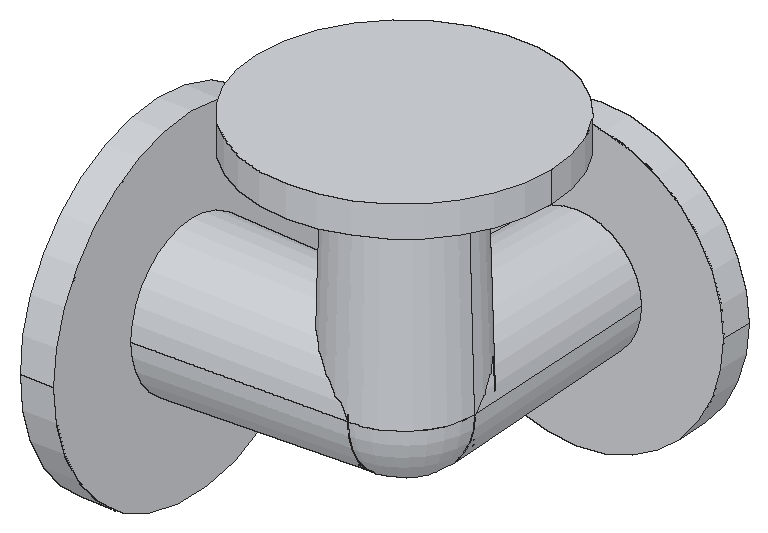
Revit family "M_Redução de cotovelo com saída lateral - Flange - GI - Classe 125", category Conexões de tubo, Revit 2019
Family settings
  Cota do conector redondo = Usar raio
  Tipo de parte = Múltiplas portas
  Número OmniClass = 23.60.30.11.14
  Título OmniClass = Pipework Fittings
  ID de item do Seek = Elbow Reducing Side-Outlet - Flanged - GI - Class 125-0000-CAN-ENU
  Com base no plano de trabalho = Não
  Sempre na vertical = Sim
  Corte com vazios quando carregada = Não
  Compartilhado = Não
Parameters (values of type "Padrão")
  Espessura da parede 3 [instance] = size_lookup(Nome da tabela de pesquisa, "WThk", 0.04 * Diâmetro nominal 3 + 7.938 mm, Diâmetro nominal 3)  # 7.9 mm
  Espessura da parede 2 [instance] = size_lookup(Nome da tabela de pesquisa, "WThk", 0.04 * Diâmetro nominal 2 + 7.938 mm, Diâmetro nominal 2)  # 7.9 mm
  Espessura da parede 1 [instance] = size_lookup(Nome da tabela de pesquisa, "WThk", 0.04 * Diâmetro nominal 1 + 7.938 mm, Diâmetro nominal 1)  # 7.9 mm
  Tamanho da marca de cota 3 [instance] = Diâmetro da flange 3 * 0.4  # 60.8 mm
  Tamanho da marca de cota 2 [instance] = Diâmetro da flange 2 * 0.4  # 60.8 mm
  Tamanho da marca de cota 1 [instance] = Diâmetro da flange 1 * 0.4  # 71.2 mm
  Raio nominal 3 [instance] = 25 mm
  Raio nominal 2 [instance] = 25 mm
  Diâmetro nominal 3 [instance] = Raio nominal 3 * 2  # 50 mm
  Diâmetro nominal 2 [instance] = Raio nominal 2 * 2  # 50 mm
  Método de perda = Não definido
  Nome da tabela de pesquisa = "M_Elbow Reducing Side-Outlet - Flanged - GI - Class 125"
  Comprimento 9 [instance] = Centro à face + Centro à face * cos(Ângulo 2)  # 127 mm
  Comprimento 8 [instance] = Centro à face * sin(Ângulo 1)  # 127 mm
  Comprimento 7 [instance] = Centro à face + Centro à face * cos(Ângulo 1)  # 127 mm
  Comprimento 6 [instance] = Comprimento 4 * sin(Ângulo 2)  # 111.1 mm
  Comprimento 5 [instance] = Centro à face + Comprimento 4 * cos(Ângulo 2)  # 127 mm
  Comprimento 4 [instance] = Centro à face - Espessura da flange 3  # 111.1 mm
  Comprimento 3 [instance] = Comprimento 1 * sin(Ângulo 1)  # 111.1 mm
  Comprimento 2 [instance] = Centro à face + Comprimento 1 * cos(Ângulo 1)  # 127 mm
  Comprimento 15 [instance] = Centro à face - Espessura da flange 3  # 111.1 mm
  Comprimento 14 [instance] = Centro à face - Raio externo da conexão 4 * cos(Ângulo 2)  # 127 mm
  Comprimento 13 [instance] = Raio externo da conexão 4 * sin(Ângulo 2)  # 36.65 mm
  Comprimento 12 [instance] = Centro à face - Raio externo da conexão 4 * cos(Ângulo 2)  # 127 mm
  Comprimento 11 [instance] = Raio externo da conexão 4 * sin(Ângulo 2)  # 36.65 mm
  Comprimento 10 [instance] = Centro à face * sin(Ângulo 2)  # 127 mm
  Comprimento 1 [instance] = Centro à face - Espessura da flange 2  # 111.1 mm
  Diâmetro nominal máximo 123 [instance] = if(Diâmetro nominal máximo 12 > Diâmetro nominal 3, Diâmetro nominal máximo 12, Diâmetro nominal 3)  # 65 mm
  Diâmetro nominal máximo 12 [instance] = if(Diâmetro nominal 1 > Diâmetro nominal 2, Diâmetro nominal 1, Diâmetro nominal 2)  # 65 mm
  Espessura da flange 3 [instance] = size_lookup(Nome da tabela de pesquisa, "FThk", 0.05 * Diâmetro nominal 3 + 15.974 mm, Diâmetro nominal 3)  # 15.9 mm
  Espessura da flange 2 [instance] = size_lookup(Nome da tabela de pesquisa, "FThk", 0.05 * Diâmetro nominal 2 + 15.974 mm, Diâmetro nominal 2)  # 15.9 mm
  Raio da flange 3 [instance] = Diâmetro da flange 3 / 2  # 76 mm
  Raio da flange 2 [instance] = Diâmetro da flange 2 / 2  # 76 mm
  Diâmetro da flange 3 [instance] = size_lookup(Nome da tabela de pesquisa, "FDia", 1.19 * Diâmetro nominal 3 + 100.806 mm, Diâmetro nominal 3)  # 152 mm
  Diâmetro da flange 2 [instance] = size_lookup(Nome da tabela de pesquisa, "FDia", 1.19 * Diâmetro nominal 2 + 100.806 mm, Diâmetro nominal 2)  # 152 mm
  Raio externo da conexão 3 [instance] = Diâmetro externo da conexão 3 / 2  # 33.4 mm
  Raio externo da conexão 4 [instance] = (Raio externo da conexão 1 + Raio externo da conexão 2) / 2  # 36.65 mm
  Raio externo da conexão 2 [instance] = Diâmetro externo da conexão 2 / 2  # 33.4 mm
  Raio externo da conexão 1 [instance] = Diâmetro externo da conexão 1 / 2  # 39.9 mm
  Diâmetro externo da conexão 2 [instance] = Diâmetro interno da conexão 2 + Espessura da parede 2 * 2  # 66.8 mm
  Diâmetro externo da conexão 1 [instance] = Diâmetro interno da conexão 1 + Espessura da parede 1 * 2  # 79.8 mm
  Raio nominal 1 [instance] = 32.5 mm
  Diâmetro nominal 1 [instance] = Raio nominal 1 * 2  # 65 mm
  Diâmetro externo da conexão 3 [instance] = Diâmetro interior da conexão 3 + Espessura da parede 3 * 2  # 66.8 mm
  Diâmetro interior da conexão 3 [instance] = size_lookup(Nome da tabela de pesquisa, "FID", 1.02 * Diâmetro nominal 3 - 1.091 mm, Diâmetro nominal 3)  # 51 mm
  Diâmetro interno da conexão 2 [instance] = size_lookup(Nome da tabela de pesquisa, "FID", 1.02 * Diâmetro nominal 2 - 1.091 mm, Diâmetro nominal 2)  # 51 mm
  Diâmetro interno da conexão 1 [instance] = size_lookup(Nome da tabela de pesquisa, "FID", 1.02 * Diâmetro nominal 1 - 1.091 mm, Diâmetro nominal 1)  # 64 mm
  Centro à face [instance] = size_lookup(Nome da tabela de pesquisa, "CtF", 0.68 * Diâmetro nominal máximo 123 + 95.647 mm, Diâmetro nominal máximo 123)  # 127 mm
  Espessura da flange 1 [instance] = size_lookup(Nome da tabela de pesquisa, "FThk", 0.05 * Diâmetro nominal 1 + 15.974 mm, Diâmetro nominal 1)  # 17.5 mm
  Raio da flange 1 [instance] = Diâmetro da flange 1 / 2  # 89 mm
  Diâmetro da flange 1 [instance] = size_lookup(Nome da tabela de pesquisa, "FDia", 1.19 * Diâmetro nominal 1 + 100.806 mm, Diâmetro nominal 1)  # 178 mm
  Assembly Code = ""
  Ângulo 3 [instance] = 90.00° - Ângulo 2  # 0.00°
  Ângulo 2 [instance] = 90.00°
  Ângulo 1 [instance] = 90.00°
Reference planes
  plane 1 "Centro (Frente/Trás)": y = 0
  plane 2: z = 0
  plane 3 "Centro (Esquerda/Direita)": x = 0
  plane 4: x = -127
  plane 5: x = -109.5
  plane 6: y = 111.1
  plane 7: x = 0
  plane 8: z = 111.1
  plane 9: x = 0
  plane 10: x = 0
  plane 11: y = 127
  plane 12: x = 0
  plane 13: z = 127
  plane 14: x = 0
  plane 15: z = -36.65
  plane 16: x = 0
  plane 17: z = -36.65
Forms (mm)
  Sweep 1, solid, detail levels fine
    path in 3D
      loop
        line (-127, 0, 0) -> (-109.5, 0, 0)
    profile origin (-118.25, 0, 0) x (0, 1, 0) y (0, 0, 1)
      loop
        circle (0, 0) r 89
  SweptBlend 2, solid, detail levels fine
    path in 3D
      loop
        line (-109.5, 0, 0) -> (0, 0, 0)
    profile origin (-109.5, 0, 0) x (0, 1, 0) y (0, 0, 1)
      loop
        circle (0, 0) r 39.9
    end profile origin (0, 0, 0) x (0, 1, 0) y (0, 0, 1)
      loop
        circle (0, 0) r 36.65
  SweptBlend 3, solid, detail levels fine
    path in 3D
      loop
        line (0, 0, 0) -> (0, 111.1, 0)
    profile origin (0, 0, 0) x (-1, 0, 0) y (0, 0, 1)
      loop
        circle (0, 0) r 36.65
    end profile origin (0, 111.1, 0) x (-1, 0, 0) y (0, 0, 1)
      loop
        circle (0, 0) r 33.4
  Sweep 4, solid, detail levels fine
    path in 3D
      loop
        line (0, 111.1, 0) -> (0, 127, 0)
    profile origin (0, 119.05, 0) x (-1, 0, 0) y (0, 0, 1)
      loop
        circle (0, 0) r 76
  Sweep 5, solid, detail levels fine
    path in 3D
      loop
        line (0, 0, 111.1) -> (0, 0, 127)
    profile origin (0, 0, 119.05) x (-1, 0, 0) y (0, -1, 0)
      loop
        circle (0, 0) r 76
  SweptBlend 6, solid, detail levels fine
    path in 3D
      loop
        line (0, 0, 0) -> (0, 0, 111.1)
    profile origin (0, 0, 0) x (-1, 0, 0) y (0, -1, 0)
      loop
        circle (0, 0) r 36.65
    end profile origin (0, 0, 111.1) x (-1, 0, 0) y (0, -1, 0)
      loop
        circle (0, 0) r 33.4
  Revolve 7, solid, detail levels fine
    sketch origin (0, 0, 0) x (0, 0, -1) y (1, 0, 0)
      loop
        line (0, 0) -> (36.65, 0)
        arc (36.65, 0) -> (25.915, 25.915) -> (0, 36.65) r 36.65
        line (0, 36.65) -> (0, 0)
      axis (36.65, 0) -> (0, 0)
    angle from 0 to 360
Cuts and joins
  joined: Sweep 1, SweptBlend 2
  joined: SweptBlend 3, Sweep 4
  joined: Sweep 5, SweptBlend 6
Lines and regions (mm)
  model lines, detail levels coarse+medium
    curve 1: line (-109.5, 0, 0) -> (0, 0, 0)
    curve 2: line (-127, 0, 0) -> (-109.5, 0, 0)
    curve 5: line (0, 0, 0) -> (0, 111.1, 0)
    curve 6: line (0, 111.1, 0) -> (0, 127, 0)
    curve 9: line (0, 0, 0) -> (0, 0, 111.1)
    curve 10: line (0, 0, 111.1) -> (0, 0, 127)
    curve 15: line (-127, 71.2, 0) -> (-127, 0, 0)
    curve 16: line (-127, -71.2, 0) -> (-127, 0, 0)
    curve 17: line (0, 127, 0) -> (60.8, 127, 0)
    curve 18: line (0, 127, 0) -> (-60.8, 127, 0)
    curve 19: line (0, 0, 127) -> (60.8, 0, 127)
    curve 20: line (0, 0, 127) -> (-60.8, 0, 127)
  sketch lines
    curve 3: line (-127, 0, 0) -> (-109.5, 0, 0)
    curve 4: line (-109.5, 0, 0) -> (0, 0, 0)
    curve 7: line (0, 0, 0) -> (0, 111.1, 0)
    curve 8: line (0, 111.1, 0) -> (0, 127, 0)
    curve 11: line (0, 0, 111.1) -> (0, 0, 127)
    curve 22: line (0, 0, 0) -> (0, 0, 111.1)
  reference lines
    curve 12: line (-127, 0, 0) -> (-109.5, 0, 0)
    curve 13: line (0, 127, 0) -> (0, 111.1, 0)
    curve 14: line (0, 0, 127) -> (0, 0, 111.1)
    curve 21: line (0, 0, 0) -> (0, 0, 111.1)
    curve 23: line (0, 0, 0) -> (0, 0, -36.65)
    curve 24: arc (0, 0, -36.65) -> (25.915, 0, -25.915) -> (36.65, 0, 0) r 36.65
    curve 25: line (0, 0, 0) -> (36.65, 0, 0)
    curve 26: line (0, 0, -36.65) -> (0, 0, 0)
    curve 27: arc (0, 0, -36.65) -> (25.915, 0, -25.915) -> (36.65, 0, 0) r 36.65
    curve 28: line (0, 0, 0) -> (36.65, 0, 0)
Dimensions and locks
  "Centro à face": plane 4 to plane 3 "Centro (Esquerda/Direita)"
  "Espessura da flange 1": plane 4 to plane 5
  "Comprimento 1": curve 5 to curve 5
  "Comprimento 2": plane 4 to plane 7
  "Comprimento 3": plane 6 to plane 1 "Centro (Frente/Trás)"
  "Espessura da flange 2": curve 6 to curve 6
  "Comprimento 4": curve 9 to curve 9
  "Comprimento 6": plane 8 to plane 2
  "Comprimento 5": plane 9 to plane 4
  "Espessura da flange 3": curve 10 to curve 10
  "Comprimento 7": plane 4 to plane 10
  "Comprimento 8": plane 11 to plane 1 "Centro (Frente/Trás)"
  "Comprimento 9": plane 12 to plane 4
  "Comprimento 10": plane 13 to plane 2
  "Tamanho da marca de cota 1": curve 15 to curve 15
  "Tamanho da marca de cota 1": curve 16 to curve 16
  "Tamanho da marca de cota 2": curve 17 to curve 17
  "Tamanho da marca de cota 2": curve 18 to curve 18
  "Tamanho da marca de cota 3": curve 19 to curve 19
  "Tamanho da marca de cota 3": curve 20 to curve 20
  "Comprimento 15": curve 21 to curve 21
  "Comprimento 11": plane 2 to plane 15
  "Comprimento 13": plane 2 to plane 17
  "Comprimento 14": plane 16 to plane 4
  "Comprimento 12": plane 14 to plane 4
  "Raio externo da conexão 4": curve 23 to curve 23
  "Raio externo da conexão 4": curve 25 to curve 25
  locked: Revolve 7 sketch curve to Revolve 7 sketch curve at 200.2
  "Raio da flange 1": radius of Sweep 1 sketch curve
  "Raio externo da conexão 1": radius of SweptBlend 2 sketch curve
  "Raio externo da conexão 4": radius of SweptBlend 2 sketch curve
  "Raio externo da conexão 4": radius of SweptBlend 3 sketch curve
  "Raio externo da conexão 2": radius of SweptBlend 3 sketch curve
  "Raio da flange 2": radius of Sweep 4 sketch curve
  "Raio da flange 3": radius of Sweep 5 sketch curve
  "Raio externo da conexão 4": radius of SweptBlend 6 sketch curve
  "Raio externo da conexão 3": radius of SweptBlend 6 sketch curve
  "Ângulo 1": angle plane 1 "Centro (Frente/Trás)" to curve 5
  "Ângulo 1": angle plane 6 to curve 6
  "Ângulo 2": angle plane 2 to curve 9
  "Ângulo 2": angle plane 8 to curve 10
  "Ângulo 1": angle plane 11 to curve 13
  "Ângulo 2": angle plane 13 to curve 14
  locked: curve 5 to curve 17 (angle 90.00°)
  locked: curve 18 to curve 5 (angle 90.00°)
  locked: curve 9 to curve 19 (angle 90.00°)
  locked: curve 20 to curve 9 (angle 90.00°)
  "Ângulo 2": angle plane 2 to curve 21
  "Ângulo 2": angle plane 2 to curve 23
  locked: curve 24 to curve 24 (angle 90.00°)
  locked: curve 23 to curve 25 (angle 90.00°)
  "Ângulo 2": angle plane 2 to Revolve 7 sketch curve
  "Ângulo 2": angle plane 17 to curve 26
  locked: curve 27 to curve 27 (angle 90.00°)
  locked: curve 26 to curve 28 (angle 90.00°)
  aligned and locked: plane 1 "Centro (Frente/Trás)" to curve 1
  aligned and locked: plane 4 to curve 2
  aligned and locked: plane 5 to curve 2
  aligned and locked: plane 3 "Centro (Esquerda/Direita)" to curve 5
  aligned and locked: plane 1 "Centro (Frente/Trás)" to curve 5
  aligned and locked: plane 2 to curve 9
  aligned and locked: plane 3 "Centro (Esquerda/Direita)" to curve 9
  aligned and locked: plane 4 to curve 12
  aligned and locked: plane 1 "Centro (Frente/Trás)" to curve 12
  aligned and locked: plane 11 to curve 13
  aligned and locked: plane 10 to curve 13
  aligned and locked: plane 13 to curve 14
  aligned and locked: plane 12 to curve 14
  aligned and locked: curve 15 to plane 4
  aligned and locked: plane 1 "Centro (Frente/Trás)" to curve 16
  aligned and locked: plane 4 to curve 16
  aligned and locked: plane 2 to curve 21
  aligned and locked: plane 3 "Centro (Esquerda/Direita)" to curve 21
  aligned and locked: plane 2 to curve 5
  aligned: plane 10 to curve 5
  aligned and locked: plane 15 to curve 24
  aligned and locked: plane 14 to curve 24
  aligned and locked: plane 2 to curve 24
  aligned and locked: plane 3 "Centro (Esquerda/Direita)" to curve 24
  aligned and locked: plane 2 to curve 13
  aligned: plane 3 "Centro (Esquerda/Direita)" to curve 5
  aligned and locked: Revolve 7 sketch curve to curve 23
  aligned and locked: Revolve 7 sketch curve to curve 25
  aligned and locked: Revolve 7 sketch curve to curve 24
  aligned and locked: plane 2 to Revolve 7 sketch curve
  aligned and locked: plane 3 "Centro (Esquerda/Direita)" to Revolve 7 sketch curve
  aligned and locked: plane 17 to curve 26
  aligned and locked: plane 16 to curve 26
  aligned and locked: plane 2 to curve 27
  aligned and locked: plane 16 to curve 27
  aligned and locked: plane 3 "Centro (Esquerda/Direita)" to curve 28
  aligned and locked: plane 2 to curve 28
Automatic sketch dimensions
  curve 12 to plane 5 = 0 mm
  Sweep 1 sketch curve to profile plane = 0 mm  (x2)
  SweptBlend 2 sketch curve to profile plane = 0 mm  (x4)
  SweptBlend 3 sketch curve to profile plane = 0 mm  (x4)
  Sweep 4 sketch curve to profile plane = 0 mm  (x2)
  Sweep 5 sketch curve to profile plane = 0 mm
  profile plane to Sweep 5 sketch curve = 0 mm
  SweptBlend 6 sketch curve to profile plane = 0 mm  (x2)
  profile plane to SweptBlend 6 sketch curve = 0 mm  (x2)
Connectors
  piping at (-127, 0, 0), diameter 65, driven by "Ângulo 1", driven by "Raio nominal 1"
    settings: on cut or joined group of Sweep 1, SweptBlend 2, index 1, connector inside diameter 65 mm, connector length 0 mm, flow factor 0, pipe flow 0.0 L/s, pressure drop 0.0 Pa, fitting loss kfactor 0, connector angle 90.00°, fixture units 0, engagement length 0 mm, angle of deflection 0.00°, flow configuration 0, flow direction 0, fitting loss method 0, system type 28, joint type 0, gender type 0, connector reference index 2, connector utility 0, adjustable connector no, is connector primary yes, connector description ""
  piping at (0, 127, 0), diameter 50, driven by "Ângulo 1", driven by "Raio nominal 2"
    settings: on cut or joined group of SweptBlend 3, Sweep 4, index 2, connector inside diameter 50 mm, connector length 0 mm, flow factor 0, pipe flow 0.0 L/s, pressure drop 0.0 Pa, fitting loss kfactor 0, connector angle 90.00°, fixture units 0, engagement length 0 mm, angle of deflection 0.00°, flow configuration 0, flow direction 0, fitting loss method 0, system type 28, joint type 0, gender type 0, connector reference index 1, connector utility 0, adjustable connector no, is connector primary no, connector description ""
  piping at (0, 0, 127), diameter 50, driven by "Raio nominal 3", driven by "Ângulo 2"
    settings: on Sweep 5, index 3, connector inside diameter 50 mm, connector length 0 mm, flow factor 0, pipe flow 0.0 L/s, pressure drop 0.0 Pa, fitting loss kfactor 0, connector angle 90.00°, fixture units 0, engagement length 0 mm, angle of deflection 0.00°, flow configuration 0, flow direction 0, fitting loss method 0, system type 28, joint type 0, gender type 0, connector reference index -1, connector utility 0, adjustable connector no, is connector primary no, connector description ""
